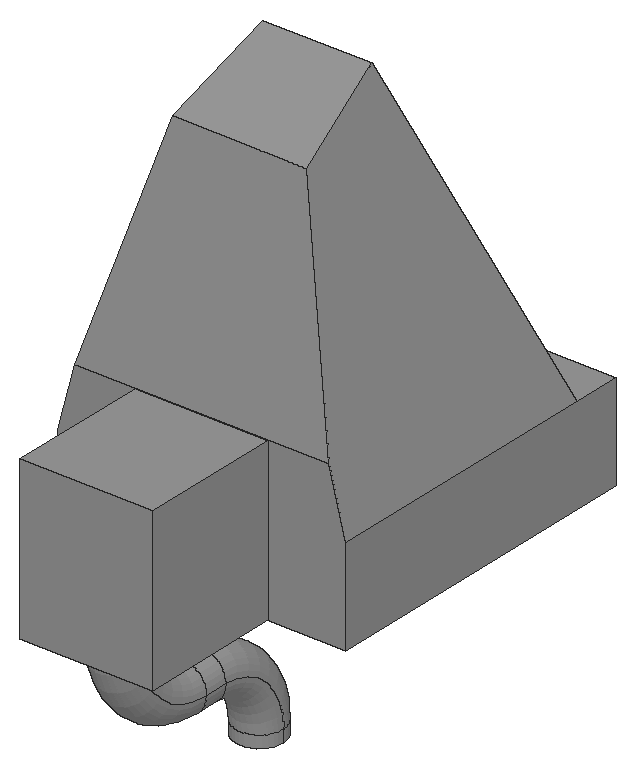
Revit family "Urinal-Willoughby-1412-UW-BJ-TS", category Plumbing Fixtures, host Face, Revit 2014
Parameters (values of type "Standard")
  Waste DIA = 2"
  Waste Connection = yes
  Vent Connection = no
  URL = "www.willoughby-ind.com"
  Type Comments = "Blow Jet Series"
  Revision = "A"
  Model = "UW-1412-BJ-TS"
  Manufacturer = "Willoughby Industries"
  HW Connection = no
  Flush Inlet DIA = 1 1/2"
  Flush Inlet Connection = yes
  Fixture Body = Stainless Steel AISI 304-Willoughby
  Description = "Urinal"
  Default Elevation = 1' - 2"
  Contact Info. = "800.428.4065"
  CW Connection = no
Reference planes (in)
  plane 1 "Center (Front/Back)": y = 0
  plane 2: z = 0
  plane 3 "Center (Left/Right)": x = 0
Forms (in)
  Extrusion 1, solid, material "Stainless Steel AISI 304-Willoughby" <- "Fixture Body"
    sketch origin (0, 0, 0) x (1, 0, 0) y (0, 0, 1)
      loop
        line (-6, 4) -> (-6, 0) -> (6, 0) -> (6, 4) -> (-6, 4)
    from -14 to 0
  Extrusion 2, solid, material "Stainless Steel AISI 304-Willoughby" <- "Fixture Body"
    sketch origin (0, 0, -0.06446) x (0, 1, 0) y (0, 0, 1)
      loop
        line (0, 4.06446) -> (11.97238, 4.06446) -> (6, 18) -> (2, 16) -> (0, 6.75) -> (0, 4.06446)
    from -6 to 6
  Extrusion 3, void, detail levels fine
    sketch origin (0, 0, 0) x (1, 0, 0) y (0, 0, 1)
      loop
        line (2.25, 17.93554) -> (6, 4) -> (8.25, 4) -> (8.25, 17.93554) -> (2.25, 17.93554)
    from 0 to -14
  Extrusion 4, void, detail levels fine
    sketch origin (0, 0, 0) x (-1, 0, 0) y (0, 0, -1)
      loop
        line (2.25, -17.93554) -> (8.25, -17.93554) -> (8.25, -4) -> (6, -4) -> (2.25, -17.93554)
    from 0 to -14
  Extrusion 5, void, detail levels fine
    sketch origin (0, 0, 0) x (1, 0, 0) y (0, 0, 1)
      loop
        line (1.77095, 17.31054) -> (-1.77095, 17.31054) -> (-5.35277, 4) -> (5.35277, 4) -> (1.77095, 17.31054)
    from -5.08704 to -12.29395
  Extrusion 6, void, detail levels fine
    sketch origin (0, 0, 0) x (1, 0, 0) y (0, 0, 1)
      loop
        line (5.35277, 4) -> (-5.35277, 4) -> (-5.35277, 1) -> (5.35277, 1) -> (5.35277, 4)
    from -5.08704 to -12.29395
  Extrusion 7, solid, material "Stainless Steel AISI 304-Willoughby" <- "Fixture Body"
    sketch origin (0, 0, 0) x (0, 1, 0) y (0, 0, 1)
      loop
        line (0, 6.68554) -> (-6, 6.68554) -> (-6, 0) -> (0, 0) -> (0, 6.68554)
    from -2.75 to 2.75
  Sweep 8, solid, material "Stainless Steel AISI 304-Willoughby" <- "Fixture Body"
    path origin (0, 5.25, 0) x (0, 1, 0) y (0, 0, 1)
      loop
        arc (-9.7427, 0.27404) -> (-8.64365, -2.05351) -> (-6.25, -3) r 3.5
        line (-6.25, -3) -> (-5.25, -3)
        arc (-5.25, -3) -> (-3.12868, -3.87868) -> (-2.25, -6) r 3
        line (-2.25, -6) -> (-2.25, -6.5)
    profile origin (0, 3, -6.25) x (1, 0, 0) y (0, 1, 0)
      loop
        circle (0, 0) r 1
  Extrusion 9, solid, material "Stainless Steel AISI 304-Willoughby" <- "Fixture Body"
    sketch origin (0, 14.44537, -10.05463) x (1, 0, 0) y (0, 0, 1)
      loop
        circle (0, 12.75) r 0.75
    from -0.25 to 0.44537
Cuts and joins
  Extrusion 3, Extrusion 4, Extrusion 5, Extrusion 6 cuts Extrusion 1
  Extrusion 3, Extrusion 4, Extrusion 5, Extrusion 6 cuts Extrusion 2
  joined: Extrusion 1, Extrusion 2
Lines and regions (in)
  symbolic lines
    curve 1: line (6, 0, 0) -> (-6, 0, 0)
    curve 2: line (-6, 0, 0) -> (-6, 14, 0)
    curve 3: line (-6, 14, 0) -> (6, 14, 0)
    curve 4: line (6, 14, 0) -> (6, 0, 0)
    curve 5: line (-5.27733, 0, 0) -> (-2.78819, 2, 0)
    curve 6: line (-2.78819, 2, 0) -> (2.78819, 2, 0)
    curve 7: line (2.78819, 2, 0) -> (5.27733, 0, 0)
    curve 8: line (-6, 11.97238, 0) -> (-2.25, 6, 0)
    curve 9: line (-2.25, 6, 0) -> (-2.78819, 2, 0)
    curve 10: line (-2.25, 6, 0) -> (2.25, 6, 0)
    curve 11: line (2.25, 6, 0) -> (2.78819, 2, 0)
    curve 12: line (2.25, 6, 0) -> (6, 11.97238, 0)
    curve 19: line (2.75, 0, 0) -> (2.75, -6, 0)
    curve 20: line (2.75, -6, 0) -> (-2.75, -6, 0)
    curve 21: line (-2.75, -6, 0) -> (-2.75, 0, 0)
    curve 22: line (-6, 0, 0) -> (6, 0, 0)
    curve 23: line (6, 0, 0) -> (6, 0, 4)
    curve 24: line (6, 0, 4) -> (2.25, 0, 17.93554)
    curve 25: line (2.25, 0, 17.93554) -> (-2.25, 0, 17.93554)
    curve 26: line (-2.25, 0, 17.93554) -> (-6, 0, 4)
    curve 27: line (-6, 0, 4) -> (-6, 0, 0)
    curve 32: line (0, -6, 0) -> (0, 14, 0)
    curve 33: line (0, 14, 0) -> (0, 14, 4)
    curve 34: line (0, 14, 4) -> (0, 0, 4)
    curve 35: line (0, 11.97238, 4) -> (0, 6, 17.93554)
    curve 36: line (0, 6, 17.93554) -> (0, 2, 15.93554)
    curve 37: line (0, 2, 15.93554) -> (0, 0, 6.68554)
    curve 38: line (0, 0, 6.68554) -> (0, 0, 0)
    curve 39: line (0, 0, 6.68554) -> (0, -6, 6.68554)
    curve 40: line (0, -6, 6.68554) -> (0, -6, 0)
  symbolic lines, detail levels fine
    curve 13: line (1.77095, 6.26786, 0) -> (-1.77095, 6.26786, 0)
    curve 14: line (-1.77095, 6.26786, 0) -> (-5.35277, 11.97238, 0)
    curve 15: line (-5.35277, 11.97238, 0) -> (-5.35277, 12.29395, 0)
    curve 16: line (-5.35277, 12.29395, 0) -> (5.35277, 12.29395, 0)
    curve 17: line (5.35277, 12.29395, 0) -> (5.35277, 11.97238, 0)
    curve 18: line (5.35277, 11.97238, 0) -> (1.77095, 6.26786, 0)
    curve 29: line (5.35277, 0, 4) -> (1.77095, 0, 17.31054)
    curve 30: line (1.77095, 0, 17.31054) -> (-1.77095, 0, 17.31054)
    curve 31: line (-1.77095, 0, 17.31054) -> (-5.35277, 0, 4)
  symbolic lines, detail levels medium+fine
    curve 28: line (6, 0, 4) -> (-6, 0, 4)
Dimensions and locks (in)
  aligned and locked: plane 2 to host face
  aligned and locked: level to host face
  aligned and locked: Sweep 8 to Sweep 8
  aligned and locked: cut or joined group of Extrusion 1, Extrusion 2, Extrusion 3, Extrusion 4, Extrusion 5, Extrusion 6 to cut or joined group of Extrusion 1, Extrusion 2, Extrusion 3, Extrusion 4, Extrusion 5, Extrusion 6
  aligned and locked: Extrusion 7 to cut or joined group of Extrusion 1, Extrusion 2, Extrusion 3, Extrusion 4, Extrusion 5, Extrusion 6
Connectors (in)
  piping at (0, 3, -6.5), diameter 2, driven by "Waste Connection", driven by "Waste DIA"
    settings: on Sweep 8, index 1, connector inside diameter 2", connector length 0' - 0", flow factor 0, pipe flow 0 GPM, pressure drop 0.00 psi, fitting loss kfactor 0, connector angle 0.00°, fixture units 0, engagement length 0' - 0", angle of deflection 0.00°, flow configuration 0, flow direction 2, fitting loss method 0, system type 16, joint type 0, gender type 0, connector reference index -1, connector utility 1, adjustable connector yes, is connector primary yes, connector description "Urinal Waste"
  piping at (0, 14.69537, 2.69537), diameter 1.5, driven by "Flush Inlet Connection", driven by "Flush Inlet DIA"
    settings: on Extrusion 9, index 2, connector inside diameter 1 1/2", connector length 0' - 0", flow factor 0, pipe flow 0 GPM, pressure drop 0.00 psi, fitting loss kfactor 0, connector angle 0.00°, fixture units 0, engagement length 0' - 0", angle of deflection 0.00°, flow configuration 0, flow direction 1, fitting loss method 0, system type 20, joint type 0, gender type 0, connector reference index -1, connector utility 1, adjustable connector no, is connector primary no, connector description "Flush Inlet"
